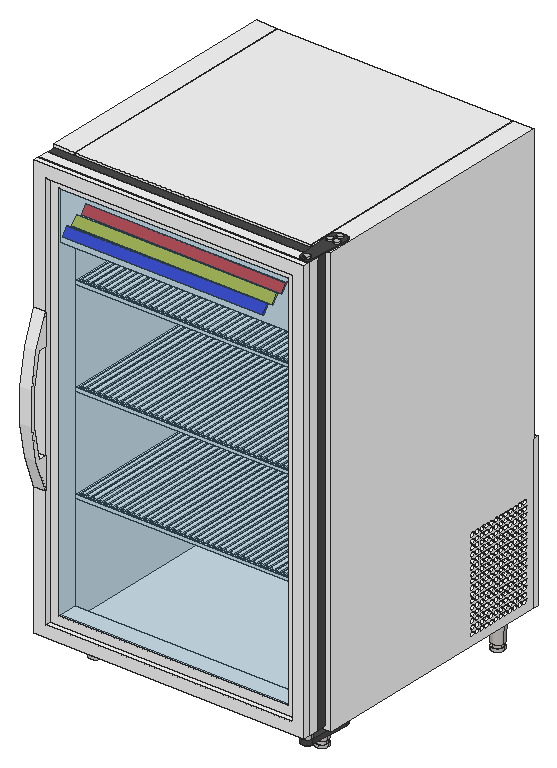
Revit family "QF_TRUE_GDM-07-S-HC-TSL01_cat", category Specialty Equipment, Revit 2015
Parameters
  Weight in Pounds = 0
  Watts = Volts * FL Amps  # 218.5 W
  Volts = 115 V
  URL Cutsheet = ""
  Specification by User = ""
  Specification by Manufacturer = ""
  Show Clearance [instance] = yes
  Serial Number = ""
  Seismic Rating = ""
  SMACNA No = ""
  Revision Code = ""
  Phase = 1
  Number of Poles = 1
  NAFEM Spec ID Number = ""
  Model = "GDM-07-S-HC-TSL01"
  Min Ckt Ampacity = 0 A
  Max Overcurrent Protection = 0 A
  Materials and Finishes [instance] = QF_Plastic - White - Smooth
  Masterspec = ""
  Manufacturer = "TRUE"
  Length = 24 1/32"
  Item Number = ""
  Installed By = ""
  Identify Quantity as Lot = yes
  Height = 39 25/32"
  HP = "1/6"
  Furnished By = ""
  Foodservice Equipment Identifier = yes
  FL Amps = 1.9 A
  Electrical Remarks = ""
  Electric Connection Type = ""
  Elec Conn RI Height = 0"
  Elec Conn Connection Height = 0"
  Description = "SWING DOOR COUNTER-TOP STAINLESS STEEL REFRIGERATOR WITH HYDROCARBON REFRIGERANT-TRUE STANDARD LOOK VERSION 01"
  Depth = 26 19/32"
  Cycle = 60 Hz
  Conn Plug = "NEMA 5-15P"
  Conn Conduit = yes
  CSI MasterFormat = ""
  Apparent Power = 0 VA
Reference planes (in)
  plane 1 "BACK": y = 0
  plane 2: z = 0
  plane 3 "LEFT": x = 0
  plane 4 "RIGHT": x = 24.03125
  plane 5 "FRONT": y = -26.59375
  plane 6 "TOP": z = 39.78125
  plane 7 "Center Y": x = 12.01563
  plane 8 "Center X": y = -13.29687
  plane 9: z = 5.54687
  plane 10: z = 5.79687
  plane 11: y = -0.46875
  plane 12: y = -25
  plane 13: y = -47.28125
  plane 14: z = 2.5
  plane 15: z = 3
  plane 16: y = -22.4375
  plane 17: x = 1.1875
  plane 18: x = 2.18734
  plane 19: x = 22.84375
  plane 20: x = 21.84391
Forms (in)
  Extrusion 1, solid, material "QF_Plastic - White - Smooth" <- "Materials and Finishes"
    sketch origin (0.03125, -25, 56.91604) x (0, 0, 1) y (1, 0, 0)
      loop
        line (-17.13479, 0.25) -> (-17.13479, 23.71875) -> (-53.91604, 23.71875) -> (-53.91604, 0.25) -> (-17.13479, 0.25)
      loop
        line (-52.91604, 1.25) -> (-18.13479, 1.25) -> (-18.13479, 22.71875) -> (-52.91604, 22.71875) -> (-52.91604, 1.25)
    from 0 to 0.5
  Extrusion 2, solid, material "QF_Plastic - White - Smooth" <- "Materials and Finishes"
    sketch origin (0.03125, -25, 56.91604) x (0, 0, 1) y (1, 0, 0)
      loop
        line (-18.13479, 1.25) -> (-18.13479, 22.71875) -> (-52.91604, 22.71875) -> (-52.91604, 1.25) -> (-18.13479, 1.25)
      loop
        line (-18.88479, 2) -> (-18.88479, 21.96875) -> (-52.16604, 21.96875) -> (-52.16604, 2) -> (-18.88479, 2)
    from 2.25251 to 0.5
  Extrusion 3, solid, material "QF_Plastic - White - Smooth" <- "Materials and Finishes"
    sketch origin (0.03125, -25, 56.91604) x (0, 0, 1) y (1, 0, 0)
      loop
        line (-17.13479, 0.25) -> (-17.13479, 23.71875) -> (-53.91604, 23.71875) -> (-53.91604, 0.25) -> (-17.13479, 0.25)
      loop
        line (-52.91604, 1.25) -> (-18.13479, 1.25) -> (-18.13479, 22.71875) -> (-52.91604, 22.71875) -> (-52.91604, 1.25)
    from 1.50251 to 0.5
  Extrusion 4, solid, material "QF_Plastic-Black-Smooth"
    sketch origin (0.03125, -25, 56.91604) x (0, 0, 1) y (1, 0, 0)
      loop
        line (-17.13479, 0.25) -> (-17.13479, 23.71875) -> (-53.91604, 23.71875) -> (-53.91604, 0.25) -> (-17.13479, 0.25)
      loop
        line (-52.91604, 1.25) -> (-18.13479, 1.25) -> (-18.13479, 22.71875) -> (-52.91604, 22.71875) -> (-52.91604, 1.25)
    from 1.50251 to 2.25251
  Extrusion 5, solid, material "QF_Plastic-Black-Smooth"
    sketch origin (0.03125, -25, 56.91604) x (0, 0, 1) y (1, 0, 0)
      loop
        line (-18.13479, 1.25) -> (-18.13479, 22.71875) -> (-52.91604, 22.71875) -> (-52.91604, 1.25) -> (-18.13479, 1.25)
      loop
        line (-18.25979, 1.375) -> (-18.25979, 22.59375) -> (-52.79104, 22.59375) -> (-52.79104, 1.375) -> (-18.25979, 1.375)
    from 2.25251 to 2.5625
  Extrusion 6, solid, material "QF_Plastic - White - Smooth" <- "Materials and Finishes"
    sketch origin (20.40625, -71.30616, 39.78125) x (0, 1, 0) y (-1, 0, 0)
      loop
        line (70.83741, -1.84375) -> (70.83741, 18.625) -> (48.86866, 18.625) -> (48.86866, -1.84375) -> (70.83741, -1.84375)
    from 0 to -1
  Extrusion 7, solid, material "QF_Plastic - White - Smooth" <- "Materials and Finishes"
    sketch origin (0.03125, 1.375, 4.29687) x (0, 1, 0) y (0, 0, 1)
      loop
        line (-1.84375, 34.48438) -> (-3.5, 34.48438) -> (-3.5, -0.79687) -> (-23.8125, -0.79687) -> (-23.8125, -1.79687) -> (-1.84375, -1.79687) -> (-1.84375, 34.48438)
    from 1.75 to 22.21875
  Extrusion 8, solid, material "Glass"
    sketch origin (0.03125, -24.5, 56.91604) x (0, 0, -1) y (1, 0, 0)
      loop
        line (52.16604, 2) -> (52.16604, 21.96875) -> (18.88479, 21.96875) -> (18.88479, 2) -> (52.16604, 2)
    from 0 to -0.125
  Extrusion 9, solid, material "QF_Plastic - White - Smooth"
    sketch origin (1.03125, -22.375, -39.59375) x (-1, 0, 0) y (0, 0, 1)
      loop
        line (-1, 77.625) -> (-20.96875, 77.625) -> (-20.96875, 73.375) -> (-1, 73.375) -> (-1, 77.625)
    from -0.37249 to -2
  Extrusion 10, solid, material "QF_Plastic-Yellow"
    sketch origin (1.03125, -24.375, -38.34375) x (1, 0, 0) y (0, 0, 1)
      loop
        line (2.10165, 73.75) -> (19.5, 73.75) -> (19.88386, 74.75) -> (2.48552, 74.75) -> (2.10165, 73.75)
    from 0 to 0.03125
  Extrusion 11, solid, material "QF_Plastic-Red"
    sketch origin (1.03125, -24.375, -39.34375) x (1, 0, 0) y (0, 0, 1)
      loop
        line (3.30123, 76.875) -> (2.91736, 75.875) -> (20.29973, 75.875) -> (20.68359, 76.875) -> (3.30123, 76.875)
    from 0 to 0.03125
  Extrusion 12, solid, material "QF_Plastic-Blue"
    sketch origin (1.03125, -24.375, -37.34375) x (1, 0, 0) y (0, 0, 1)
      loop
        line (1.28594, 71.625) -> (18.67864, 71.625) -> (19.0625, 72.625) -> (1.66981, 72.625) -> (1.28594, 71.625)
    from 0 to 0.03125
  Extrusion 13, solid, material "QF_Door-Drawer Clearances", visible <- "Show Clearance", detail levels coarse
    sketch origin (0.03125, 1.375, 4.29687) x (1, 0, 0) y (0, 1, 0)
      loop
        arc (0.25, -26.375) -> (7.54543, -42.19115) -> (23.71875, -48.65625) r 23.52804
        line (23.71875, -48.65625) -> (23.71875, -26.375) -> (0.25, -26.375)
    from -1.29687 to 35.48438
  Extrusion 14, solid, material "QF_Plastic - White - Smooth" <- "Materials and Finishes"
    sketch origin (0.03125, 1.375, 4.29687) x (0, 1, 0) y (0, 0, 1)
      loop
        arc (-26.375, 24.08582) -> (-27.96875, 17.09363) -> (-26.375, 10.10144) r 16.13513
        line (-26.375, 10.10144) -> (-26.375, 12.85144) -> (-27.14183, 12.85144)
        arc (-27.14183, 12.85144) -> (-27.71875, 17.09363) -> (-27.14183, 21.33582) r 15.88513
        line (-27.14183, 21.33582) -> (-26.375, 21.33582) -> (-26.375, 24.08582)
    from 0.25 to 1.25
  Extrusion 15, solid, material "QF_Plastic - White - Smooth" <- "Materials and Finishes"
    sketch origin (24, 1.375, 4.29687) x (0, -1, 0) y (0, 0, -1)
      loop
        line (1.84375, -35.48438) -> (23.8125, -35.48438) -> (23.8125, 1.79687) -> (1.84375, 1.79687) -> (1.84375, -35.48438)
      loop
        circle (8.48125, -6.85428) r 0.25
      loop
        circle (7.96562, -6.85428) r 0.25
      loop
        circle (7.45, -6.85428) r 0.25
      loop
        circle (6.93437, -6.85428) r 0.25
      loop
        circle (6.41875, -6.85428) r 0.25
      loop
        circle (5.90312, -6.85428) r 0.25
      loop
        circle (5.3875, -6.85428) r 0.25
      loop
        circle (4.87187, -6.85428) r 0.25
      loop
        circle (4.35625, -6.85428) r 0.25
      loop
        circle (3.84062, -6.85428) r 0.25
      loop
        circle (3.325, -6.85428) r 0.25
      loop
        circle (2.80937, -6.85428) r 0.25
      loop
        circle (8.48125, -6.33865) r 0.25
      loop
        circle (7.96562, -6.33865) r 0.25
      loop
        circle (7.45, -6.33865) r 0.25
      loop
        circle (6.93437, -6.33865) r 0.25
      loop
        circle (6.41875, -6.33865) r 0.25
      loop
        circle (5.90312, -6.33865) r 0.25
      loop
        circle (5.3875, -6.33865) r 0.25
      loop
        circle (4.87187, -6.33865) r 0.25
      loop
        circle (4.35625, -6.33865) r 0.25
      loop
        circle (3.84062, -6.33865) r 0.25
      loop
        circle (3.325, -6.33865) r 0.25
      loop
        circle (2.80937, -6.33865) r 0.25
      loop
        circle (8.48125, -5.82303) r 0.25
      loop
        circle (7.96562, -5.82303) r 0.25
      loop
        circle (7.45, -5.82303) r 0.25
      loop
        circle (6.93437, -5.82303) r 0.25
      loop
        circle (6.41875, -5.82303) r 0.25
      loop
        circle (5.90312, -5.82303) r 0.25
      loop
        circle (5.3875, -5.82303) r 0.25
      loop
        circle (4.87187, -5.82303) r 0.25
      loop
        circle (4.35625, -5.82303) r 0.25
      loop
        circle (3.84062, -5.82303) r 0.25
      loop
        circle (3.325, -5.82303) r 0.25
      loop
        circle (2.80937, -5.82303) r 0.25
      loop
        circle (8.48125, -5.3074) r 0.25
      loop
        circle (7.96562, -5.3074) r 0.25
      loop
        circle (7.45, -5.3074) r 0.25
      loop
        circle (6.93437, -5.3074) r 0.25
      loop
        circle (6.41875, -5.3074) r 0.25
      loop
        circle (5.90312, -5.3074) r 0.25
      loop
        circle (5.3875, -5.3074) r 0.25
      loop
        circle (4.87187, -5.3074) r 0.25
      loop
        circle (4.35625, -5.3074) r 0.25
      loop
        circle (3.84062, -5.3074) r 0.25
      loop
        circle (3.325, -5.3074) r 0.25
      loop
        circle (2.80937, -5.3074) r 0.25
      loop
        circle (8.48125, -4.79178) r 0.25
      loop
        circle (7.96562, -4.79178) r 0.25
      loop
        circle (7.45, -4.79178) r 0.25
      loop
        circle (6.93437, -4.79178) r 0.25
      loop
        circle (6.41875, -4.79178) r 0.25
      loop
        circle (5.90312, -4.79178) r 0.25
      loop
        circle (5.3875, -4.79178) r 0.25
      loop
        circle (4.87187, -4.79178) r 0.25
      loop
        circle (4.35625, -4.79178) r 0.25
      loop
        circle (3.84062, -4.79178) r 0.25
      loop
        circle (3.325, -4.79178) r 0.25
      loop
        circle (2.80937, -4.79178) r 0.25
      loop
        circle (8.48125, -4.27615) r 0.25
      loop
        circle (7.96562, -4.27615) r 0.25
      loop
        circle (7.45, -4.27615) r 0.25
      loop
        circle (6.93437, -4.27615) r 0.25
      loop
        circle (6.41875, -4.27615) r 0.25
      loop
        circle (5.90312, -4.27615) r 0.25
      loop
        circle (5.3875, -4.27615) r 0.25
      loop
        circle (4.87187, -4.27615) r 0.25
      loop
        circle (4.35625, -4.27615) r 0.25
      loop
        circle (3.84062, -4.27615) r 0.25
      loop
        circle (3.325, -4.27615) r 0.25
      loop
        circle (2.80937, -4.27615) r 0.25
      loop
        circle (8.48125, -3.76053) r 0.25
      loop
        circle (7.96562, -3.76053) r 0.25
      loop
        circle (7.45, -3.76053) r 0.25
      loop
        circle (6.93437, -3.76053) r 0.25
      loop
        circle (6.41875, -3.76053) r 0.25
      loop
        circle (5.90312, -3.76053) r 0.25
      loop
        circle (5.3875, -3.76053) r 0.25
      loop
        circle (4.87187, -3.76053) r 0.25
      loop
        circle (4.35625, -3.76053) r 0.25
      loop
        circle (3.84062, -3.76053) r 0.25
      loop
        circle (3.325, -3.76053) r 0.25
      loop
        circle (2.80937, -3.76053) r 0.25
      loop
        circle (8.48125, -3.2449) r 0.25
      loop
        circle (7.96562, -3.2449) r 0.25
      loop
        circle (7.45, -3.2449) r 0.25
      loop
        circle (6.93437, -3.2449) r 0.25
      loop
        circle (6.41875, -3.2449) r 0.25
      loop
        circle (5.90312, -3.2449) r 0.25
      loop
        circle (5.3875, -3.2449) r 0.25
      loop
        circle (4.87187, -3.2449) r 0.25
      loop
        circle (4.35625, -3.2449) r 0.25
      loop
        circle (3.84062, -3.2449) r 0.25
      loop
        circle (3.325, -3.2449) r 0.25
      loop
        circle (2.80937, -3.2449) r 0.25
      loop
        circle (8.48125, -2.72928) r 0.25
      loop
        circle (7.96562, -2.72928) r 0.25
      loop
        circle (7.45, -2.72928) r 0.25
      loop
        circle (6.93437, -2.72928) r 0.25
      loop
        circle (6.41875, -2.72928) r 0.25
      loop
        circle (5.90312, -2.72928) r 0.25
      loop
        circle (5.3875, -2.72928) r 0.25
      loop
        circle (4.87187, -2.72928) r 0.25
      loop
        circle (4.35625, -2.72928) r 0.25
      loop
        circle (3.84062, -2.72928) r 0.25
      loop
        circle (3.325, -2.72928) r 0.25
      loop
        circle (2.80937, -2.72928) r 0.25
      loop
        circle (8.48125, -2.21365) r 0.25
      loop
        circle (7.96562, -2.21365) r 0.25
      loop
        circle (7.45, -2.21365) r 0.25
      loop
        circle (6.93437, -2.21365) r 0.25
      loop
        circle (6.41875, -2.21365) r 0.25
      loop
        circle (5.90312, -2.21365) r 0.25
      loop
        circle (5.3875, -2.21365) r 0.25
      loop
        circle (4.87187, -2.21365) r 0.25
      loop
        circle (4.35625, -2.21365) r 0.25
      loop
        circle (3.84062, -2.21365) r 0.25
      loop
        circle (3.325, -2.21365) r 0.25
      loop
        circle (2.80937, -2.21365) r 0.25
      loop
        circle (8.48125, -1.69803) r 0.25
      loop
        circle (7.96562, -1.69803) r 0.25
      loop
        circle (7.45, -1.69803) r 0.25
      loop
        circle (6.93437, -1.69803) r 0.25
      loop
        circle (6.41875, -1.69803) r 0.25
      loop
        circle (5.90312, -1.69803) r 0.25
      loop
        circle (5.3875, -1.69803) r 0.25
      loop
        circle (4.87187, -1.69803) r 0.25
      loop
        circle (4.35625, -1.69803) r 0.25
      loop
        circle (3.84062, -1.69803) r 0.25
      loop
        circle (3.325, -1.69803) r 0.25
      loop
        circle (2.80937, -1.69803) r 0.25
      loop
        circle (8.48125, -1.1824) r 0.25
      loop
        circle (7.96562, -1.1824) r 0.25
      loop
        circle (7.45, -1.1824) r 0.25
      loop
        circle (6.93437, -1.1824) r 0.25
      loop
        circle (6.41875, -1.1824) r 0.25
      loop
        circle (5.90312, -1.1824) r 0.25
      loop
        circle (5.3875, -1.1824) r 0.25
      loop
        circle (4.87187, -1.1824) r 0.25
      loop
        circle (4.35625, -1.1824) r 0.25
      loop
        circle (3.84062, -1.1824) r 0.25
      loop
        circle (3.325, -1.1824) r 0.25
      loop
        circle (2.80937, -1.1824) r 0.25
      loop
        circle (8.48125, -0.66678) r 0.25
      loop
        circle (7.96562, -0.66678) r 0.25
      loop
        circle (7.45, -0.66678) r 0.25
      loop
        circle (6.93437, -0.66678) r 0.25
      loop
        circle (6.41875, -0.66678) r 0.25
      loop
        circle (5.90312, -0.66678) r 0.25
      loop
        circle (5.3875, -0.66678) r 0.25
      loop
        circle (4.87187, -0.66678) r 0.25
      loop
        circle (4.35625, -0.66678) r 0.25
      loop
        circle (3.84062, -0.66678) r 0.25
      loop
        circle (3.325, -0.66678) r 0.25
      loop
        circle (2.80937, -0.66678) r 0.25
      loop
        circle (8.48125, -0.15115) r 0.25
      loop
        circle (7.96562, -0.15115) r 0.25
      loop
        circle (7.45, -0.15115) r 0.25
      loop
        circle (6.93437, -0.15115) r 0.25
      loop
        circle (6.41875, -0.15115) r 0.25
      loop
        circle (5.90312, -0.15115) r 0.25
      loop
        circle (5.3875, -0.15115) r 0.25
      loop
        circle (4.87187, -0.15115) r 0.25
      loop
        circle (4.35625, -0.15115) r 0.25
      loop
        circle (3.84062, -0.15115) r 0.25
      loop
        circle (3.325, -0.15115) r 0.25
      loop
        circle (2.80937, -0.15115) r 0.25
      loop
        circle (8.48125, 0.36447) r 0.25
      loop
        circle (7.96562, 0.36447) r 0.25
      loop
        circle (7.45, 0.36447) r 0.25
      loop
        circle (6.93437, 0.36447) r 0.25
      loop
        circle (6.41875, 0.36447) r 0.25
      loop
        circle (5.90312, 0.36447) r 0.25
      loop
        circle (5.3875, 0.36447) r 0.25
      loop
        circle (4.87187, 0.36447) r 0.25
      loop
        circle (4.35625, 0.36447) r 0.25
      loop
        circle (3.84062, 0.36447) r 0.25
      loop
        circle (3.325, 0.36447) r 0.25
      loop
        circle (2.80937, 0.36447) r 0.25
      loop
        circle (8.48125, 0.8801) r 0.25
      loop
        circle (7.96562, 0.8801) r 0.25
      loop
        circle (7.45, 0.8801) r 0.25
      loop
        circle (6.93437, 0.8801) r 0.25
      loop
        circle (6.41875, 0.8801) r 0.25
      loop
        circle (5.90312, 0.8801) r 0.25
      loop
        circle (5.3875, 0.8801) r 0.25
      loop
        circle (4.87187, 0.8801) r 0.25
      loop
        circle (4.35625, 0.8801) r 0.25
      loop
        circle (3.84062, 0.8801) r 0.25
      loop
        circle (3.325, 0.8801) r 0.25
      loop
        circle (2.80937, 0.8801) r 0.25
    from 0.03125 to -1.75
  Extrusion 16, solid, material "QF_Plastic-Black-Smooth"
    sketch origin (3.56688, 1.375, 4.29687) x (1, 0, 0) y (0, 1, 0)
      loop
        arc (19.40165, -21.39984) -> (19.03744, -21.55726) -> (18.90258, -21.93042) r 0.5
        line (18.90258, -21.93042) -> (19.11273, -25.35979)
        arc (19.11273, -25.35979) -> (19.6118, -25.82921) -> (20.11086, -25.35979) r 0.5
        line (20.11086, -25.35979) -> (20.32101, -21.93042)
        arc (20.32101, -21.93042) -> (20.18615, -21.55726) -> (19.82195, -21.39984) r 0.5
        line (19.82195, -21.39984) -> (19.40165, -21.39984)
    from 35.48438 to 35.56944
  Extrusion 17, solid, material "QF_Metal - Stainless - Polished"
    sketch origin (3.56688, 1.375, 4.29687) x (1, 0, 0) y (0, 1, 0)
      loop
        circle (19.6118, -21.78078) r 0.25
      loop
        circle (19.30218, -22.51019) r 0.25
      loop
        circle (19.92141, -22.51019) r 0.25
      loop
        circle (19.6118, -25.35979) r 0.25
    from 35.48438 to 35.64063
  Extrusion 18, solid, material "QF_Plastic - White - Smooth" <- "Materials and Finishes"
    sketch origin (0.03125, 1.375, 4.29687) x (0, -1, 0) y (0, 0, 1)
      loop
        line (1.84375, 35.48438) -> (1.84375, -1.79687) -> (23.8125, -1.79687) -> (23.8125, 35.48438) -> (1.84375, 35.48438)
      loop
        circle (8.48125, 6.85428) r 0.25
      loop
        circle (7.96562, 6.85428) r 0.25
      loop
        circle (7.45, 6.85428) r 0.25
      loop
        circle (6.93437, 6.85428) r 0.25
      loop
        circle (6.41875, 6.85428) r 0.25
      loop
        circle (5.90312, 6.85428) r 0.25
      loop
        circle (5.3875, 6.85428) r 0.25
      loop
        circle (4.87187, 6.85428) r 0.25
      loop
        circle (4.35625, 6.85428) r 0.25
      loop
        circle (3.84062, 6.85428) r 0.25
      loop
        circle (3.325, 6.85428) r 0.25
      loop
        circle (2.80937, 6.85428) r 0.25
      loop
        circle (8.48125, 6.33865) r 0.25
      loop
        circle (7.96562, 6.33865) r 0.25
      loop
        circle (7.45, 6.33865) r 0.25
      loop
        circle (6.93437, 6.33865) r 0.25
      loop
        circle (6.41875, 6.33865) r 0.25
      loop
        circle (5.90312, 6.33865) r 0.25
      loop
        circle (5.3875, 6.33865) r 0.25
      loop
        circle (4.87187, 6.33865) r 0.25
      loop
        circle (4.35625, 6.33865) r 0.25
      loop
        circle (3.84062, 6.33865) r 0.25
      loop
        circle (3.325, 6.33865) r 0.25
      loop
        circle (2.80937, 6.33865) r 0.25
      loop
        circle (8.48125, 5.82303) r 0.25
      loop
        circle (7.96562, 5.82303) r 0.25
      loop
        circle (7.45, 5.82303) r 0.25
      loop
        circle (6.93437, 5.82303) r 0.25
      loop
        circle (6.41875, 5.82303) r 0.25
      loop
        circle (5.90312, 5.82303) r 0.25
      loop
        circle (5.3875, 5.82303) r 0.25
      loop
        circle (4.87187, 5.82303) r 0.25
      loop
        circle (4.35625, 5.82303) r 0.25
      loop
        circle (3.84062, 5.82303) r 0.25
      loop
        circle (3.325, 5.82303) r 0.25
      loop
        circle (2.80937, 5.82303) r 0.25
      loop
        circle (8.48125, 5.3074) r 0.25
      loop
        circle (7.96562, 5.3074) r 0.25
      loop
        circle (7.45, 5.3074) r 0.25
      loop
        circle (6.93437, 5.3074) r 0.25
      loop
        circle (6.41875, 5.3074) r 0.25
      loop
        circle (5.90312, 5.3074) r 0.25
      loop
        circle (5.3875, 5.3074) r 0.25
      loop
        circle (4.87187, 5.3074) r 0.25
      loop
        circle (4.35625, 5.3074) r 0.25
      loop
        circle (3.84062, 5.3074) r 0.25
      loop
        circle (3.325, 5.3074) r 0.25
      loop
        circle (2.80937, 5.3074) r 0.25
      loop
        circle (8.48125, 4.79178) r 0.25
      loop
        circle (7.96562, 4.79178) r 0.25
      loop
        circle (7.45, 4.79178) r 0.25
      loop
        circle (6.93437, 4.79178) r 0.25
      loop
        circle (6.41875, 4.79178) r 0.25
      loop
        circle (5.90312, 4.79178) r 0.25
      loop
        circle (5.3875, 4.79178) r 0.25
      loop
        circle (4.87187, 4.79178) r 0.25
      loop
        circle (4.35625, 4.79178) r 0.25
      loop
        circle (3.84062, 4.79178) r 0.25
      loop
        circle (3.325, 4.79178) r 0.25
      loop
        circle (2.80937, 4.79178) r 0.25
      loop
        circle (8.48125, 4.27615) r 0.25
      loop
        circle (7.96562, 4.27615) r 0.25
      loop
        circle (7.45, 4.27615) r 0.25
      loop
        circle (6.93437, 4.27615) r 0.25
      loop
        circle (6.41875, 4.27615) r 0.25
      loop
        circle (5.90312, 4.27615) r 0.25
      loop
        circle (5.3875, 4.27615) r 0.25
      loop
        circle (4.87187, 4.27615) r 0.25
      loop
        circle (4.35625, 4.27615) r 0.25
      loop
        circle (3.84062, 4.27615) r 0.25
      loop
        circle (3.325, 4.27615) r 0.25
      loop
        circle (2.80937, 4.27615) r 0.25
      loop
        circle (8.48125, 3.76053) r 0.25
      loop
        circle (7.96562, 3.76053) r 0.25
      loop
        circle (7.45, 3.76053) r 0.25
      loop
        circle (6.93437, 3.76053) r 0.25
      loop
        circle (6.41875, 3.76053) r 0.25
      loop
        circle (5.90312, 3.76053) r 0.25
      loop
        circle (5.3875, 3.76053) r 0.25
      loop
        circle (4.87187, 3.76053) r 0.25
      loop
        circle (4.35625, 3.76053) r 0.25
      loop
        circle (3.84062, 3.76053) r 0.25
      loop
        circle (3.325, 3.76053) r 0.25
      loop
        circle (2.80937, 3.76053) r 0.25
      loop
        circle (8.48125, 3.2449) r 0.25
      loop
        circle (7.96562, 3.2449) r 0.25
      loop
        circle (7.45, 3.2449) r 0.25
      loop
        circle (6.93437, 3.2449) r 0.25
      loop
        circle (6.41875, 3.2449) r 0.25
      loop
        circle (5.90312, 3.2449) r 0.25
      loop
        circle (5.3875, 3.2449) r 0.25
      loop
        circle (4.87187, 3.2449) r 0.25
      loop
        circle (4.35625, 3.2449) r 0.25
      loop
        circle (3.84062, 3.2449) r 0.25
      loop
        circle (3.325, 3.2449) r 0.25
      loop
        circle (2.80937, 3.2449) r 0.25
      loop
        circle (8.48125, 2.72928) r 0.25
      loop
        circle (7.96562, 2.72928) r 0.25
      loop
        circle (7.45, 2.72928) r 0.25
      loop
        circle (6.93437, 2.72928) r 0.25
      loop
        circle (6.41875, 2.72928) r 0.25
      loop
        circle (5.90312, 2.72928) r 0.25
      loop
        circle (5.3875, 2.72928) r 0.25
      loop
        circle (4.87187, 2.72928) r 0.25
      loop
        circle (4.35625, 2.72928) r 0.25
      loop
        circle (3.84062, 2.72928) r 0.25
      loop
        circle (3.325, 2.72928) r 0.25
      loop
        circle (2.80937, 2.72928) r 0.25
      loop
        circle (8.48125, 2.21365) r 0.25
      loop
        circle (7.96562, 2.21365) r 0.25
      loop
        circle (7.45, 2.21365) r 0.25
      loop
        circle (6.93437, 2.21365) r 0.25
      loop
        circle (6.41875, 2.21365) r 0.25
      loop
        circle (5.90312, 2.21365) r 0.25
      loop
        circle (5.3875, 2.21365) r 0.25
      loop
        circle (4.87187, 2.21365) r 0.25
      loop
        circle (4.35625, 2.21365) r 0.25
      loop
        circle (3.84062, 2.21365) r 0.25
      loop
        circle (3.325, 2.21365) r 0.25
      loop
        circle (2.80937, 2.21365) r 0.25
      loop
        circle (8.48125, 1.69803) r 0.25
      loop
        circle (7.96562, 1.69803) r 0.25
      loop
        circle (7.45, 1.69803) r 0.25
      loop
        circle (6.93437, 1.69803) r 0.25
      loop
        circle (6.41875, 1.69803) r 0.25
      loop
        circle (5.90312, 1.69803) r 0.25
      loop
        circle (5.3875, 1.69803) r 0.25
      loop
        circle (4.87187, 1.69803) r 0.25
      loop
        circle (4.35625, 1.69803) r 0.25
      loop
        circle (3.84062, 1.69803) r 0.25
      loop
        circle (3.325, 1.69803) r 0.25
      loop
        circle (2.80937, 1.69803) r 0.25
      loop
        circle (8.48125, 1.1824) r 0.25
      loop
        circle (7.96562, 1.1824) r 0.25
      loop
        circle (7.45, 1.1824) r 0.25
      loop
        circle (6.93437, 1.1824) r 0.25
      loop
        circle (6.41875, 1.1824) r 0.25
      loop
        circle (5.90312, 1.1824) r 0.25
      loop
        circle (5.3875, 1.1824) r 0.25
      loop
        circle (4.87187, 1.1824) r 0.25
      loop
        circle (4.35625, 1.1824) r 0.25
      loop
        circle (3.84062, 1.1824) r 0.25
      loop
        circle (3.325, 1.1824) r 0.25
      loop
        circle (2.80937, 1.1824) r 0.25
      loop
        circle (8.48125, 0.66678) r 0.25
      loop
        circle (7.96562, 0.66678) r 0.25
      loop
        circle (7.45, 0.66678) r 0.25
      loop
        circle (6.93437, 0.66678) r 0.25
      loop
        circle (6.41875, 0.66678) r 0.25
      loop
        circle (5.90312, 0.66678) r 0.25
      loop
        circle (5.3875, 0.66678) r 0.25
      loop
        circle (4.87187, 0.66678) r 0.25
      loop
        circle (4.35625, 0.66678) r 0.25
      loop
        circle (3.84062, 0.66678) r 0.25
      loop
        circle (3.325, 0.66678) r 0.25
      loop
        circle (2.80937, 0.66678) r 0.25
      loop
        circle (8.48125, 0.15115) r 0.25
      loop
        circle (7.96562, 0.15115) r 0.25
      loop
        circle (7.45, 0.15115) r 0.25
      loop
        circle (6.93437, 0.15115) r 0.25
      loop
        circle (6.41875, 0.15115) r 0.25
      loop
        circle (5.90312, 0.15115) r 0.25
      loop
        circle (5.3875, 0.15115) r 0.25
      loop
        circle (4.87187, 0.15115) r 0.25
      loop
        circle (4.35625, 0.15115) r 0.25
      loop
        circle (3.84062, 0.15115) r 0.25
      loop
        circle (3.325, 0.15115) r 0.25
      loop
        circle (2.80937, 0.15115) r 0.25
      loop
        circle (8.48125, -0.36447) r 0.25
      loop
        circle (7.96562, -0.36447) r 0.25
      loop
        circle (7.45, -0.36447) r 0.25
      loop
        circle (6.93437, -0.36447) r 0.25
      loop
        circle (6.41875, -0.36447) r 0.25
      loop
        circle (5.90312, -0.36447) r 0.25
      loop
        circle (5.3875, -0.36447) r 0.25
      loop
        circle (4.87187, -0.36447) r 0.25
      loop
        circle (4.35625, -0.36447) r 0.25
      loop
        circle (3.84062, -0.36447) r 0.25
      loop
        circle (3.325, -0.36447) r 0.25
      loop
        circle (2.80937, -0.36447) r 0.25
      loop
        circle (8.48125, -0.8801) r 0.25
      loop
        circle (7.96562, -0.8801) r 0.25
      loop
        circle (7.45, -0.8801) r 0.25
      loop
        circle (6.93437, -0.8801) r 0.25
      loop
        circle (6.41875, -0.8801) r 0.25
      loop
        circle (5.90312, -0.8801) r 0.25
      loop
        circle (5.3875, -0.8801) r 0.25
      loop
        circle (4.87187, -0.8801) r 0.25
      loop
        circle (4.35625, -0.8801) r 0.25
      loop
        circle (3.84062, -0.8801) r 0.25
      loop
        circle (3.325, -0.8801) r 0.25
      loop
        circle (2.80937, -0.8801) r 0.25
    from 0.03125 to -1.75
  Extrusion 19, solid, material "QF_Plastic-Black-Smooth"
    sketch origin (3.56688, 1.375, 38.23438) x (0, -1, 0) y (1, 0, 0)
      loop
        arc (21.39984, 19.40165) -> (21.55726, 19.03744) -> (21.93042, 18.90258) r 0.5
        line (21.93042, 18.90258) -> (25.35979, 19.11273)
        arc (25.35979, 19.11273) -> (25.82921, 19.6118) -> (25.35979, 20.11086) r 0.5
        line (25.35979, 20.11086) -> (21.93042, 20.32101)
        arc (21.93042, 20.32101) -> (21.55726, 20.18615) -> (21.39984, 19.82195) r 0.5
        line (21.39984, 19.82195) -> (21.39984, 19.40165)
    from -36.10938 to -35.73438
  Extrusion 20, solid, material "QF_Plastic-Black-Smooth"
    sketch origin (3.56688, 1.375, 1.5) x (1, 0, 0) y (0, 1, 0)
      loop
        circle (19.6118, -21.78078) r 0.25
      loop
        circle (19.30218, -22.51019) r 0.25
      loop
        circle (19.92141, -22.51019) r 0.25
    from 0.5 to 1
  Extrusion 21, solid, material "QF_Metal - Stainless - Polished"
    sketch origin (3.625, 1.375, 1.5) x (1, 0, 0) y (0, 1, 0)
      loop
        circle (19.6118, -25.35979) r 0.33744
    from 0.5 to 1.5
  Revolve 22, solid, material "QF_Metal - Stainless - Polished"
    sketch origin (-1.0625, -2.84375, 1.71875) x (1, 0, 0) y (0, 0, 1)
      loop
        line (1.71875, -1.71875) -> (2.25, -1.71875) -> (2.25, 0.78125) -> (1.61726, 0.78125) -> (1.71875, -1.15529) -> (1.87178, -1.15529) -> (1.87178, -1.50805) -> (1.71875, -1.50805) -> (1.71875, -1.71875)
      axis (2.25, 0.78125) -> (2.25, -1.71875)
    angle from 0 to 360
  Extrusion 23, solid, material "QF_Plastic - White - Smooth" <- "Materials and Finishes"
    sketch origin (0.03125, 1.375, 1.5) x (0, 1, 0) y (0, 0, 1)
      loop
        line (-1.99424, 1) -> (-8.49424, 1) -> (-8.49424, 0.38992) -> (-1.99424, 0.38992) -> (-1.99424, 1)
    from 4.06234 to 19.90641
  Extrusion 24, solid, material "QF_Plastic - White - Smooth"
    sketch origin (-6.9261, -178.625, 29.58575) x (-1, 0, 0) y (0, -1, 0)
      loop
        line (-8.70735, -176.5) -> (-8.70735, -156.1875) -> (-29.1761, -156.1875) -> (-29.1761, -176.5) -> (-8.70735, -176.5)
      loop
        line (-8.95735, -176.25) -> (-8.95735, -156.375) -> (-28.9261, -156.375) -> (-28.9261, -176.25) -> (-8.95735, -176.25)
    from 0 to 0.25
  Extrusion 25, solid, material "QF_Plastic - White - Smooth"
    sketch origin (0.03125, 1.375, 3.10137) x (1, 0, 0) y (0, 0, 1)
      loop
        circle (10.23437, 26.73438) r 0.125
      loop
        circle (9.73437, 26.73438) r 0.125
      loop
        circle (9.23437, 26.73438) r 0.125
      loop
        circle (8.73437, 26.73438) r 0.125
      loop
        circle (8.23437, 26.73438) r 0.125
      loop
        circle (7.73437, 26.73438) r 0.125
      loop
        circle (7.23437, 26.73438) r 0.125
      loop
        circle (6.73437, 26.73438) r 0.125
      loop
        circle (6.23437, 26.73438) r 0.125
      loop
        circle (5.73437, 26.73438) r 0.125
      loop
        circle (5.23437, 26.73438) r 0.125
      loop
        circle (4.73437, 26.73438) r 0.125
      loop
        circle (4.23437, 26.73438) r 0.125
      loop
        circle (3.73437, 26.73438) r 0.125
      loop
        circle (3.23437, 26.73438) r 0.125
      loop
        circle (2.73437, 26.73438) r 0.125
      loop
        circle (2.23437, 26.73438) r 0.125
      loop
        circle (10.73437, 26.73438) r 0.125
      loop
        circle (11.23437, 26.73438) r 0.125
      loop
        circle (11.73437, 26.73438) r 0.125
      loop
        circle (13.73438, 26.73438) r 0.125
      loop
        circle (14.23438, 26.73438) r 0.125
      loop
        circle (14.73438, 26.73438) r 0.125
      loop
        circle (15.23438, 26.73438) r 0.125
      loop
        circle (15.73438, 26.73438) r 0.125
      loop
        circle (16.23438, 26.73438) r 0.125
      loop
        circle (16.73438, 26.73438) r 0.125
      loop
        circle (17.23438, 26.73438) r 0.125
      loop
        circle (17.73438, 26.73438) r 0.125
      loop
        circle (18.23438, 26.73438) r 0.125
      loop
        circle (18.73438, 26.73438) r 0.125
      loop
        circle (19.23438, 26.73438) r 0.125
      loop
        circle (19.73438, 26.73438) r 0.125
      loop
        circle (20.23438, 26.73438) r 0.125
      loop
        circle (20.73438, 26.73438) r 0.125
      loop
        circle (21.23438, 26.73438) r 0.125
      loop
        circle (21.73438, 26.73438) r 0.125
      loop
        circle (13.23438, 26.73438) r 0.125
      loop
        circle (12.73438, 26.73438) r 0.125
      loop
        circle (12.23438, 26.73438) r 0.125
    from 3.5 to 23.625
  Extrusion 26, solid, material "QF_Plastic - White - Smooth"
    sketch origin (-6.9261, -178.625, 21.2655) x (-1, 0, 0) y (0, -1, 0)
      loop
        line (-8.70735, -176.5) -> (-8.70735, -156.1875) -> (-29.1761, -156.1875) -> (-29.1761, -176.5) -> (-8.70735, -176.5)
      loop
        line (-8.95735, -176.25) -> (-8.95735, -156.375) -> (-28.9261, -156.375) -> (-28.9261, -176.25) -> (-8.95735, -176.25)
    from 0 to 0.25
  Extrusion 27, solid, material "QF_Plastic - White - Smooth"
    sketch origin (0.03125, 1.375, -5.21888) x (1, 0, 0) y (0, 0, 1)
      loop
        circle (10.23437, 26.73438) r 0.125
      loop
        circle (9.73437, 26.73438) r 0.125
      loop
        circle (9.23437, 26.73438) r 0.125
      loop
        circle (8.73437, 26.73438) r 0.125
      loop
        circle (8.23437, 26.73438) r 0.125
      loop
        circle (7.73437, 26.73438) r 0.125
      loop
        circle (7.23437, 26.73438) r 0.125
      loop
        circle (6.73437, 26.73438) r 0.125
      loop
        circle (6.23437, 26.73438) r 0.125
      loop
        circle (5.73437, 26.73438) r 0.125
      loop
        circle (5.23437, 26.73438) r 0.125
      loop
        circle (4.73437, 26.73438) r 0.125
      loop
        circle (4.23437, 26.73438) r 0.125
      loop
        circle (3.73437, 26.73438) r 0.125
      loop
        circle (3.23437, 26.73438) r 0.125
      loop
        circle (2.73437, 26.73438) r 0.125
      loop
        circle (2.23437, 26.73438) r 0.125
      loop
        circle (10.73437, 26.73438) r 0.125
      loop
        circle (11.23437, 26.73438) r 0.125
      loop
        circle (11.73437, 26.73438) r 0.125
      loop
        circle (13.73438, 26.73438) r 0.125
      loop
        circle (14.23438, 26.73438) r 0.125
      loop
        circle (14.73438, 26.73438) r 0.125
      loop
        circle (15.23438, 26.73438) r 0.125
      loop
        circle (15.73438, 26.73438) r 0.125
      loop
        circle (16.23438, 26.73438) r 0.125
      loop
        circle (16.73438, 26.73438) r 0.125
      loop
        circle (17.23438, 26.73438) r 0.125
      loop
        circle (17.73438, 26.73438) r 0.125
      loop
        circle (18.23438, 26.73438) r 0.125
      loop
        circle (18.73438, 26.73438) r 0.125
      loop
        circle (19.23438, 26.73438) r 0.125
      loop
        circle (19.73438, 26.73438) r 0.125
      loop
        circle (20.23438, 26.73438) r 0.125
      loop
        circle (20.73438, 26.73438) r 0.125
      loop
        circle (21.23438, 26.73438) r 0.125
      loop
        circle (21.73438, 26.73438) r 0.125
      loop
        circle (13.23438, 26.73438) r 0.125
      loop
        circle (12.73438, 26.73438) r 0.125
      loop
        circle (12.23438, 26.73438) r 0.125
    from 3.5 to 23.625
  Extrusion 28, solid, material "QF_Plastic - White - Smooth"
    sketch origin (-6.9261, -178.625, 12.94525) x (-1, 0, 0) y (0, -1, 0)
      loop
        line (-8.70735, -176.5) -> (-8.70735, -156.1875) -> (-29.1761, -156.1875) -> (-29.1761, -176.5) -> (-8.70735, -176.5)
      loop
        line (-8.95735, -176.25) -> (-8.95735, -156.375) -> (-28.9261, -156.375) -> (-28.9261, -176.25) -> (-8.95735, -176.25)
    from 0 to 0.25
  Extrusion 29, solid, material "QF_Plastic - White - Smooth"
    sketch origin (0.03125, 1.375, -13.53913) x (1, 0, 0) y (0, 0, 1)
      loop
        circle (10.23437, 26.73438) r 0.125
      loop
        circle (9.73437, 26.73438) r 0.125
      loop
        circle (9.23437, 26.73438) r 0.125
      loop
        circle (8.73437, 26.73438) r 0.125
      loop
        circle (8.23437, 26.73438) r 0.125
      loop
        circle (7.73437, 26.73438) r 0.125
      loop
        circle (7.23437, 26.73438) r 0.125
      loop
        circle (6.73437, 26.73438) r 0.125
      loop
        circle (6.23437, 26.73438) r 0.125
      loop
        circle (5.73437, 26.73438) r 0.125
      loop
        circle (5.23437, 26.73438) r 0.125
      loop
        circle (4.73437, 26.73438) r 0.125
      loop
        circle (4.23437, 26.73438) r 0.125
      loop
        circle (3.73437, 26.73438) r 0.125
      loop
        circle (3.23437, 26.73438) r 0.125
      loop
        circle (2.73437, 26.73438) r 0.125
      loop
        circle (2.23437, 26.73438) r 0.125
      loop
        circle (10.73437, 26.73438) r 0.125
      loop
        circle (11.23437, 26.73438) r 0.125
      loop
        circle (11.73437, 26.73438) r 0.125
      loop
        circle (13.73438, 26.73438) r 0.125
      loop
        circle (14.23438, 26.73438) r 0.125
      loop
        circle (14.73438, 26.73438) r 0.125
      loop
        circle (15.23438, 26.73438) r 0.125
      loop
        circle (15.73438, 26.73438) r 0.125
      loop
        circle (16.23438, 26.73438) r 0.125
      loop
        circle (16.73438, 26.73438) r 0.125
      loop
        circle (17.23438, 26.73438) r 0.125
      loop
        circle (17.73438, 26.73438) r 0.125
      loop
        circle (18.23438, 26.73438) r 0.125
      loop
        circle (18.73438, 26.73438) r 0.125
      loop
        circle (19.23438, 26.73438) r 0.125
      loop
        circle (19.73438, 26.73438) r 0.125
      loop
        circle (20.23438, 26.73438) r 0.125
      loop
        circle (20.73438, 26.73438) r 0.125
      loop
        circle (21.23438, 26.73438) r 0.125
      loop
        circle (21.73438, 26.73438) r 0.125
      loop
        circle (13.23438, 26.73438) r 0.125
      loop
        circle (12.73438, 26.73438) r 0.125
      loop
        circle (12.23438, 26.73438) r 0.125
    from 3.5 to 23.625
  Extrusion 30, solid, material "QF_Plastic - White - Smooth" <- "Materials and Finishes"
    sketch origin (0, 0, 0) x (0, 1, 0) y (0, 0, 1)
      loop
        line (-0.46875, 2.5) -> (0, 2.5) -> (0, 15.69022) -> (-0.46875, 15.69022) -> (-0.46875, 2.5)
    from 0 to 24.03125
  Revolve 31, solid, material "QF_Metal - Stainless - Polished"
    sketch origin (-0.06266, -20.6875, 1.71875) x (1, 0, 0) y (0, 0, 1)
      loop
        line (1.71875, -1.71875) -> (2.25, -1.71875) -> (2.25, 0.78125) -> (1.61726, 0.78125) -> (1.71875, -1.15529) -> (1.87178, -1.15529) -> (1.87178, -1.50805) -> (1.71875, -1.50805) -> (1.71875, -1.71875)
      axis (2.25, 0.78125) -> (2.25, -1.71875)
    angle from 0 to 360
  Revolve 32, solid, material "QF_Metal - Stainless - Polished"
    sketch origin (25.09375, -2.84375, 1.71875) x (-1, 0, 0) y (0, 0, -1)
      loop
        line (1.71875, 1.71875) -> (1.71875, 1.50805) -> (1.87178, 1.50805) -> (1.87178, 1.15529) -> (1.71875, 1.15529) -> (1.61726, -0.78125) -> (2.25, -0.78125) -> (2.25, 1.71875) -> (1.71875, 1.71875)
      axis (2.25, -0.78125) -> (2.25, 1.71875)
    angle from 0 to 360
  Revolve 33, solid, material "QF_Metal - Stainless - Polished"
    sketch origin (24.09391, -20.6875, 1.71875) x (-1, 0, 0) y (0, 0, -1)
      loop
        line (1.71875, 1.71875) -> (1.71875, 1.50805) -> (1.87178, 1.50805) -> (1.87178, 1.15529) -> (1.71875, 1.15529) -> (1.61726, -0.78125) -> (2.25, -0.78125) -> (2.25, 1.71875) -> (1.71875, 1.71875)
      axis (2.25, -0.78125) -> (2.25, 1.71875)
    angle from 0 to 360
  Extrusion 34, solid, material "QF_Plastic - White - Smooth" <- "Materials and Finishes"
    sketch origin (0, 0, 0) x (1, 0, 0) y (0, 0, 1)
      loop
        circle (12.01562, 9.09511) r 0.25
    from 0 to -0.125
Cuts and joins
  joined: Extrusion 19, Extrusion 20
Lines and regions (in)
  symbolic lines
    curve 1: line (0, -22.4375, 0) -> (22.5848, -22.4375, 0)
    curve 2: line (0, 0, 0) -> (0, -22.4375, 0)
    curve 3: line (24.03125, 0, 0) -> (0, 0, 0)
    curve 4: line (24.03125, -22.4375, 0) -> (24.03125, 0, 0)
    curve 5: line (24.03125, -0.46875, 0) -> (0, -0.46875, 0)
    curve 6: line (1.78125, -22.4375, 0) -> (1.78125, -0.46875, 0)
    curve 7: line (22.25, -0.46875, 0) -> (22.25, -22.4375, 0)
    curve 8: line (22.46947, -20.55542, 0) -> (22.67962, -23.98479, 0)
    curve 9: arc (22.67962, -23.98479, 0) -> (23.17868, -24.45421, 0) -> (23.67775, -23.98479, 0) r 0.5
    curve 10: line (23.67775, -23.98479, 0) -> (23.8879, -20.55542, 0)
    curve 11: arc (23.8879, -20.55542, 0) -> (23.75304, -20.18226, 0) -> (23.38883, -20.02484, 0) r 0.5
    curve 12: line (23.38883, -20.02484, 0) -> (22.96853, -20.02484, 0)
    curve 13: arc (22.96853, -20.02484, 0) -> (22.60432, -20.18226, 0) -> (22.46947, -20.55542, 0) r 0.5
    curve 14: arc (23.42868, -23.98479, 0) -> (23.17868, -23.73479, 0) -> (22.92868, -23.98479, 0) r 0.25
    curve 15: arc (22.92868, -23.98479, 0) -> (23.17868, -24.23479, 0) -> (23.42868, -23.98479, 0) r 0.25
    curve 16: arc (22.61907, -21.13519, 0) -> (22.86907, -21.38519, 0) -> (23.11907, -21.13519, 0) r 0.25
    curve 17: arc (23.11907, -21.13519, 0) -> (22.86907, -20.88519, 0) -> (22.61907, -21.13519, 0) r 0.25
    curve 18: arc (23.2383, -21.13519, 0) -> (23.4883, -21.38519, 0) -> (23.7383, -21.13519, 0) r 0.25
    curve 19: arc (23.7383, -21.13519, 0) -> (23.4883, -20.88519, 0) -> (23.2383, -21.13519, 0) r 0.25
    curve 20: arc (22.92868, -20.40578, 0) -> (23.17868, -20.65578, 0) -> (23.42868, -20.40578, 0) r 0.25
    curve 21: arc (23.42868, -20.40578, 0) -> (23.17868, -20.15578, 0) -> (22.92868, -20.40578, 0) r 0.25
    curve 22: line (23.77256, -22.4375, 0) -> (24.03125, -22.4375, 0)
    curve 23: line (0.28125, -22.74749, 0) -> (22.6038, -22.74749, 0)
    curve 24: line (0.28125, -22.74749, 0) -> (0.28125, -25, 0)
    curve 25: line (0.28125, -25, 0) -> (23.75, -25, 0)
    curve 26: line (23.75, -25, 0) -> (23.75, -22.80571, 0)
    curve 27: line (0.28125, -24.5, 0) -> (23.75, -24.5, 0)
    curve 28: line (0.28125, -23.49749, 0) -> (22.64976, -23.49749, 0)
    curve 29: line (1.28125, -22.74749, 0) -> (1.28125, -22.4375, 0)
  symbolic lines, style "QF_Door-Drawer Clearances"
    curve 30: line (23.75, -25, 0) -> (3.95461, -36.42887, 0)
    curve 31: arc (0.28125, -25, 0) -> (1.37675, -30.95266, 0) -> (3.95461, -36.42887, 0) r 23.52804
Dimensions and locks (in)
  equal spacing: plane 3 "LEFT", plane 7 "Center Y", plane 4 "RIGHT"
  "Length": plane 3 "LEFT" to plane 4 "RIGHT"
  equal spacing: plane 5 "FRONT", plane 8 "Center X", plane 1 "BACK"
  "Depth": plane 5 "FRONT" to plane 1 "BACK"
  "Height": plane 6 "TOP" to level
  plane 4 "RIGHT" to plane 3 "LEFT" = 24 1/32"
  plane 11 to plane 1 "BACK" = 15/32"
  plane 12 to plane 11 = 24 17/32"
  plane 5 "FRONT" to plane 12 = 1 19/32"
  level to plane 14 = 2 1/2"
  plane 11 to plane 13 = 46 13/16"
  plane 16 to plane 13 = 24 27/32"
  Extrusion 17 to plane 6 "TOP" to level = 5/32", 39 25/32"
  plane 5 "FRONT" to plane 1 "BACK" = 26 19/32"
  equal spacing: Extrusion 30, Extrusion 34 sketch curve, Extrusion 7
  aligned and locked: level to plane 2
Automatic sketch dimensions
  Extrusion 1 sketch curve to plane 15 = 0"
  Extrusion 1 sketch curve to plane 6 "TOP" = 0"
  Extrusion 1 sketch curve to plane 15 = 1"
  Extrusion 1 sketch curve to plane 6 "TOP" = 1"
  plane 3 "LEFT" to Extrusion 1 sketch curve = 9/32"
  plane 3 "LEFT" to Extrusion 1 sketch curve = 1 9/32"
  plane 4 "RIGHT" to Extrusion 1 sketch curve = 1 9/32"
  plane 4 "RIGHT" to Extrusion 1 sketch curve = 9/32"
  plane 4 "RIGHT" to Extrusion 2 sketch curve = 1 9/32"
  level to Extrusion 2 sketch curve = 4"
  Extrusion 2 sketch curve to Extrusion 2 sketch curve = 3/4"  (x3)
  Extrusion 2 sketch curve to plane 6 "TOP" = 1 3/4"
  Extrusion 2 sketch curve to plane 6 "TOP" = 1"
  plane 3 "LEFT" to Extrusion 2 sketch curve = 2 1/32"
  Extrusion 3 sketch curve to plane 6 "TOP" = 0"
  Extrusion 3 sketch curve to plane 6 "TOP" = 1"
  Extrusion 3 sketch curve to plane 9 = 1 35/64"
  plane 4 "RIGHT" to Extrusion 3 sketch curve = 9/32"
  Extrusion 3 sketch curve to Extrusion 3 sketch curve = 1"
  plane 4 "RIGHT" to Extrusion 3 sketch curve = 1 9/32"
  plane 3 "LEFT" to Extrusion 3 sketch curve = 1 9/32"
  plane 3 "LEFT" to Extrusion 3 sketch curve = 9/32"
  Extrusion 4 sketch curve to plane 6 "TOP" = 0"
  Extrusion 4 sketch curve to plane 6 "TOP" = 1"
  plane 3 "LEFT" to Extrusion 4 sketch curve = 1 9/32"
  level to Extrusion 4 sketch curve = 4"
  plane 4 "RIGHT" to Extrusion 4 sketch curve = 9/32"
  Extrusion 4 sketch curve to Extrusion 4 sketch curve = 1"
  plane 3 "LEFT" to Extrusion 4 sketch curve = 9/32"
  plane 4 "RIGHT" to Extrusion 4 sketch curve = 1 9/32"
  plane 3 "LEFT" to Extrusion 5 sketch curve = 1 9/32"
  level to Extrusion 5 sketch curve = 4"
  Extrusion 5 sketch curve to Extrusion 5 sketch curve = 1/8"  (x4)
  Extrusion 5 sketch curve to plane 6 "TOP" = 1 1/8"
  plane 4 "RIGHT" to Extrusion 5 sketch curve = 1 13/32"
  Extrusion 6 sketch curve to plane 16 = 0"
  Extrusion 6 sketch curve to plane 11 = 0"
  plane 4 "RIGHT" to Extrusion 6 sketch curve = 1 25/32"
  plane 3 "LEFT" to Extrusion 6 sketch curve = 1 25/32"
  Extrusion 7 sketch curve to plane 16 = 0"
  Extrusion 7 sketch curve to plane 11 = 0"
  Extrusion 7 sketch curve to plane 11 = 1 21/32"
  level to Extrusion 7 sketch curve = 2 1/2"
  Extrusion 7 sketch curve to Extrusion 7 sketch curve = 1"
  Extrusion 7 sketch curve to plane 6 "TOP" = 1"
  Extrusion 8 sketch curve to Extrusion 2 = 0"  (x3)
  Extrusion 2 to Extrusion 8 sketch curve = 0"
  plane 4 "RIGHT" to Extrusion 9 sketch curve = 2 1/32"
  plane 3 "LEFT" to Extrusion 9 sketch curve = 2 1/32"
  Extrusion 9 sketch curve to plane 6 "TOP" = 6"
  Extrusion 9 sketch curve to plane 6 "TOP" = 1 3/4"
  Extrusion 10 sketch curve to Extrusion 9 = 1.10165"
  Extrusion 10 sketch curve to Extrusion 10 sketch curve = 0.38386"  (x2)
  Extrusion 10 sketch curve to Extrusion 9 = 1 15/32"
  Extrusion 10 sketch curve to Extrusion 9 = 1 5/8"
  Extrusion 10 sketch curve to Extrusion 10 sketch curve = 1"
  Extrusion 11 sketch curve to Extrusion 9 = 1.91736"
  Extrusion 11 sketch curve to Extrusion 9 = 1/2"
  Extrusion 11 sketch curve to Extrusion 11 sketch curve = 0.38386"
  Extrusion 11 sketch curve to Extrusion 9 = 0.66902"
  Extrusion 11 sketch curve to Extrusion 9 = 73/256"
  Extrusion 11 sketch curve to Extrusion 11 sketch curve = 1"
  Extrusion 12 sketch curve to Extrusion 9 = 0.28594"
  Extrusion 12 sketch curve to Extrusion 9 = 0.66981"
  Extrusion 12 sketch curve to Extrusion 9 = 1/2"
  Extrusion 12 sketch curve to Extrusion 9 = 2.29011"
  Extrusion 12 sketch curve to Extrusion 12 sketch curve = 0.38386"
  Extrusion 12 sketch curve to Extrusion 12 sketch curve = 1"
  Extrusion 13 sketch curve to plane 12 = 0"
  Extrusion 13 sketch curve to plane 13 = 0"
  plane 3 "LEFT" to Extrusion 13 sketch curve = 9/32"
  plane 4 "RIGHT" to Extrusion 13 sketch curve = 9/32"
  plane 4 "RIGHT" to Extrusion 13 sketch curve = 0.25502"
  Extrusion 14 sketch curve to Extrusion 14 sketch curve = 0"  (x2)
  Extrusion 14 sketch curve to plane 12 = 0"  (x2)
  Extrusion 14 sketch curve to plane 12 = 0.76683"
  Extrusion 14 sketch curve to Extrusion 14 sketch curve = 0.76683"
  plane 8 "Center X" to Extrusion 14 sketch curve = 2.83826"
  level to Extrusion 14 sketch curve = 14.39831"
  Extrusion 14 sketch curve to Extrusion 14 sketch curve = 2 3/4"
  Extrusion 14 sketch curve to Extrusion 14 sketch curve = 4 31/128"
  Extrusion 15 sketch curve to plane 11 = 0"
  Extrusion 15 sketch curve to plane 16 = 0"
  Extrusion 15 sketch curve to plane 6 "TOP" = 0"
  Extrusion 15 sketch curve to plane 11 = 0.96562"
  Extrusion 15 sketch curve to Extrusion 15 sketch curve = 0"  (x131)
  Extrusion 15 sketch curve to Extrusion 15 sketch curve = 33/64"  (x251)
  level to Extrusion 15 sketch curve = 11.15115"
  Extrusion 15 sketch curve to Extrusion 15 sketch curve = 0.91678"
  plane 4 "RIGHT" to Extrusion 16 sketch curve = 1.56178"
  plane 4 "RIGHT" to Extrusion 16 sketch curve = 1.35163"
  Extrusion 16 sketch curve to Extrusion 16 sketch curve = 0.49906"  (x2)
  Extrusion 16 sketch curve to Extrusion 16 sketch curve = 0.4203"
  plane 4 "RIGHT" to Extrusion 16 sketch curve = 0.3535"
  plane 4 "RIGHT" to Extrusion 16 sketch curve = 0.14335"
  plane 12 to Extrusion 16 sketch curve = 1.01521"
  Extrusion 16 sketch curve to Extrusion 16 sketch curve = 0.03058"  (x2)
  plane 16 to Extrusion 16 sketch curve = 1.88208"
  Extrusion 16 sketch curve to Extrusion 16 sketch curve = 0"
  plane 4 "RIGHT" to Extrusion 17 sketch curve = 1.16218"
  plane 4 "RIGHT" to Extrusion 17 sketch curve = 0.85257"
  Extrusion 17 sketch curve to Extrusion 17 sketch curve = 0.30962"
  plane 4 "RIGHT" to Extrusion 17 sketch curve = 139/256"
  plane 12 to Extrusion 17 sketch curve = 1.01521"
  plane 16 to Extrusion 17 sketch curve = 1.30231"
  Extrusion 17 sketch curve to Extrusion 17 sketch curve = 0"
  Extrusion 17 sketch curve to Extrusion 17 sketch curve = 0.72941"
  Extrusion 18 sketch curve to plane 11 = 0"
  Extrusion 18 sketch curve to plane 16 = 0"
  Extrusion 18 sketch curve to plane 6 "TOP" = 0"
  Extrusion 18 sketch curve to plane 11 = 0.96562"
  Extrusion 18 sketch curve to Extrusion 18 sketch curve = 0"  (x143)
  Extrusion 18 sketch curve to Extrusion 18 sketch curve = 33/64"  (x239)
  level to Extrusion 18 sketch curve = 11.15115"
  Extrusion 18 sketch curve to Extrusion 18 sketch curve = 0.91678"
  plane 4 "RIGHT" to Extrusion 19 sketch curve = 0.64242"
  plane 16 to Extrusion 19 sketch curve = 2.41266"
  Extrusion 19 sketch curve to Extrusion 19 sketch curve = 1/2"
  Extrusion 19 sketch curve to Extrusion 19 sketch curve = 0"
  Extrusion 19 sketch curve to Extrusion 19 sketch curve = 0.03058"  (x3)
  plane 4 "RIGHT" to Extrusion 19 sketch curve = 0.14335"
  plane 12 to Extrusion 19 sketch curve = 1.04579"
  plane 4 "RIGHT" to Extrusion 19 sketch curve = 0.3535"
  Extrusion 19 sketch curve to Extrusion 19 sketch curve = 0.49906"
  Extrusion 19 sketch curve to Extrusion 19 sketch curve = 0.4203"
  plane 4 "RIGHT" to Extrusion 20 sketch curve = 1.16218"
  Extrusion 20 sketch curve to Extrusion 20 sketch curve = 0.30962"
  plane 4 "RIGHT" to Extrusion 20 sketch curve = 139/256"
  plane 16 to Extrusion 20 sketch curve = 1.30231"
  Extrusion 20 sketch curve to Extrusion 20 sketch curve = 0"
  Extrusion 20 sketch curve to Extrusion 20 sketch curve = 0.72941"
  plane 4 "RIGHT" to Extrusion 21 sketch curve = 0.79445"
  plane 12 to Extrusion 21 sketch curve = 1.01521"
  Revolve 22 sketch curve to level = 0"
  plane 17 to Revolve 22 sketch curve = 0"  (x2)
  plane 17 to Revolve 22 sketch curve = 0.37822"
  Revolve 22 sketch curve to Revolve 22 sketch curve = 0.15303"  (x2)
  plane 3 "LEFT" to Revolve 22 sketch curve = 0.55476"
  level to Revolve 22 sketch curve = 0.2107"
  Revolve 22 sketch curve to Revolve 22 sketch curve = 0.35275"
  Revolve 22 sketch curve to Revolve 22 sketch curve = 1.93654"
  Revolve 22 sketch curve to Revolve 22 sketch curve = 0.65529"
  Revolve 22 sketch curve to Revolve 22 sketch curve = 7/32"
  level to Extrusion 23 sketch curve = 2 1/2"
  plane 8 "Center X" to Extrusion 23 sketch curve = 6.17764"
  Extrusion 23 sketch curve to plane 11 = 0.15049"
  Extrusion 23 sketch curve to Extrusion 23 sketch curve = 0.61008"
  Extrusion 24 sketch curve to plane 16 = 0"
  plane 4 "RIGHT" to Extrusion 24 sketch curve = 1 25/32"
  Extrusion 24 sketch curve to Extrusion 24 sketch curve = 1/4"  (x3)
  plane 16 to Extrusion 24 sketch curve = 3/16"
  plane 3 "LEFT" to Extrusion 24 sketch curve = 2 1/32"
  Extrusion 24 sketch curve to plane 11 = 1 29/32"
  plane 3 "LEFT" to Extrusion 25 sketch curve = 2 17/64"
  Extrusion 25 sketch curve to Extrusion 25 sketch curve = 1/2"  (x37)
  Extrusion 25 sketch curve to plane 7 "Center Y" = 1/4"
  plane 7 "Center Y" to Extrusion 25 sketch curve = 1/4"
  Extrusion 25 sketch curve to plane 6 "TOP" = 9.9455"
  Extrusion 25 sketch curve to Extrusion 25 sketch curve = 0"  (x39)
  Extrusion 26 sketch curve to plane 16 = 0"
  plane 4 "RIGHT" to Extrusion 26 sketch curve = 1 25/32"
  Extrusion 26 sketch curve to Extrusion 26 sketch curve = 1/4"  (x3)
  plane 16 to Extrusion 26 sketch curve = 3/16"
  plane 3 "LEFT" to Extrusion 26 sketch curve = 2 1/32"
  Extrusion 26 sketch curve to plane 11 = 1 29/32"
  plane 3 "LEFT" to Extrusion 27 sketch curve = 2 17/64"
  Extrusion 27 sketch curve to Extrusion 27 sketch curve = 1/2"  (x37)
  Extrusion 27 sketch curve to plane 7 "Center Y" = 1/4"
  plane 7 "Center Y" to Extrusion 27 sketch curve = 1/4"
  Extrusion 27 sketch curve to plane 6 "TOP" = 18.26575"
  Extrusion 27 sketch curve to Extrusion 27 sketch curve = 0"  (x39)
  Extrusion 28 sketch curve to plane 16 = 0"
  plane 4 "RIGHT" to Extrusion 28 sketch curve = 1 25/32"
  Extrusion 28 sketch curve to Extrusion 28 sketch curve = 1/4"  (x3)
  plane 16 to Extrusion 28 sketch curve = 3/16"
  plane 3 "LEFT" to Extrusion 28 sketch curve = 2 1/32"
  Extrusion 28 sketch curve to plane 11 = 1 29/32"
  plane 3 "LEFT" to Extrusion 29 sketch curve = 2 17/64"
  Extrusion 29 sketch curve to Extrusion 29 sketch curve = 1/2"  (x37)
  Extrusion 29 sketch curve to plane 7 "Center Y" = 1/4"
  plane 7 "Center Y" to Extrusion 29 sketch curve = 1/4"
  level to Extrusion 29 sketch curve = 13.19525"
  Extrusion 29 sketch curve to Extrusion 29 sketch curve = 0"  (x39)
  Extrusion 30 sketch curve to plane 11 = 0"
  Extrusion 30 sketch curve to plane 1 "BACK" = 0"
  level to Extrusion 30 sketch curve = 2 1/2"
  Extrusion 30 sketch curve to Extrusion 30 sketch curve = 13.19022"
  Revolve 31 sketch curve to level = 0"
  plane 18 to Revolve 31 sketch curve = 0"  (x2)
  plane 18 to Revolve 31 sketch curve = 0.37822"
  Revolve 31 sketch curve to Revolve 31 sketch curve = 0.15303"  (x2)
  plane 18 to Revolve 31 sketch curve = 0.63274"
  level to Revolve 31 sketch curve = 0.2107"
  Revolve 31 sketch curve to Revolve 31 sketch curve = 0.35275"
  Revolve 31 sketch curve to Revolve 31 sketch curve = 1.93654"
  Revolve 31 sketch curve to Revolve 31 sketch curve = 0.65529"
  Revolve 31 sketch curve to Revolve 31 sketch curve = 7/32"
  Revolve 32 sketch curve to level = 0"
  plane 19 to Revolve 32 sketch curve = 0"  (x2)
  plane 19 to Revolve 32 sketch curve = 0.37822"
  Revolve 32 sketch curve to Revolve 32 sketch curve = 0.15303"  (x2)
  plane 4 "RIGHT" to Revolve 32 sketch curve = 0.55476"
  Revolve 32 sketch curve to Revolve 32 sketch curve = 0.2107"
  Revolve 32 sketch curve to Revolve 32 sketch curve = 0.35275"
  Revolve 32 sketch curve to Revolve 32 sketch curve = 1.93654"
  Revolve 32 sketch curve to Revolve 32 sketch curve = 0.65529"
  Revolve 32 sketch curve to Revolve 32 sketch curve = 7/32"
  Revolve 33 sketch curve to level = 0"
  plane 20 to Revolve 33 sketch curve = 0"  (x2)
  plane 20 to Revolve 33 sketch curve = 0.37822"
  Revolve 33 sketch curve to Revolve 33 sketch curve = 0.15303"  (x2)
  Revolve 33 sketch curve to Revolve 33 sketch curve = 0.63274"
  Revolve 33 sketch curve to Revolve 33 sketch curve = 0.2107"
  Revolve 33 sketch curve to Revolve 33 sketch curve = 0.35275"
  Revolve 33 sketch curve to Revolve 33 sketch curve = 1.93654"
  Revolve 33 sketch curve to Revolve 33 sketch curve = 0.65529"
  Revolve 33 sketch curve to Revolve 33 sketch curve = 7/32"
  curve 1 to plane 3 "LEFT" = 0"
  curve 25 to plane 12 = 0"
  curve 29 to plane 16 = 0"
  curve 6 to plane 11 = 0"
  curve 22 to plane 16 = 0"
  plane 1 "BACK" to curve 3 = 0"
  curve 3 to plane 4 "RIGHT" = 0"
  plane 3 "LEFT" to curve 25 = 9/32"
  plane 4 "RIGHT" to curve 8 = 1.56178"
  plane 4 "RIGHT" to curve 8 = 1.35163"
  curve 13 to curve 17 = 0.3996"
  curve 13 to curve 12 = 0.49906"
  curve 8 to curve 14 = 0.49906"
  curve 13 to curve 21 = 0.21015"
  curve 9 to curve 14 = 0"
  curve 20 to curve 11 = 0.21015"
  plane 4 "RIGHT" to curve 18 = 139/256"
  plane 4 "RIGHT" to curve 10 = 0.3535"
  plane 4 "RIGHT" to curve 26 = 9/32"
  plane 4 "RIGHT" to curve 10 = 0.14335"
  plane 12 to curve 15 = 1.01521"
  curve 14 to curve 10 = 0"
  curve 14 to curve 9 = 0.03058"
  curve 23 to plane 16 = 0.30999"
  plane 16 to curve 16 = 1.30231"
  curve 16 to curve 18 = 0"
  curve 17 to curve 8 = 0.57977"
  curve 19 to curve 10 = 0.57977"
  curve 13 to curve 13 = 0.03058"
  curve 13 to curve 21 = 0.11906"
  curve 23 to curve 29 = 1"
  plane 3 "LEFT" to curve 6 = 1 25/32"
  plane 3 "LEFT" to curve 30 = 3.95461"
  curve 7 to curve 5 = 1 25/32"
  curve 17 to curve 16 = 1/4"
  curve 28 to curve 9 = 0.02986"
  curve 20 to curve 13 = 0.03985"
  curve 8 to curve 15 = 0.24906"
  curve 16 to curve 19 = 0.11923"
  plane 12 to curve 27 = 1/2"
  curve 26 to curve 31 = 0.02623"
  curve 31 to curve 26 = 0.94752"
  Extrusion 34 sketch curve to plane 7 "Center Y" = 0"
  radius of Extrusion 15 sketch curve = 1/4"  (x192)
  radius of Extrusion 17 sketch curve = 1/4"  (x4)
  radius of Extrusion 18 sketch curve = 1/4"  (x192)
  radius of Extrusion 20 sketch curve = 1/4"  (x3)
  radius of Extrusion 21 sketch curve = 0.33744"
  radius of Extrusion 25 sketch curve = 1/8"  (x40)
  radius of Extrusion 27 sketch curve = 1/8"  (x40)
  radius of Extrusion 29 sketch curve = 1/8"  (x40)
  radius of Extrusion 34 sketch curve = 1/4"
Connectors (in)
  electrical at (12.01562, 0.125, 9.09511), driven by "Volts", driven by "Watts"
    settings: on Extrusion 34, index 1, voltage 115 V, apparent load 218.5 VA, apparent load phase1 0 VA, apparent load phase2 0 VA, apparent load phase3 0 VA, power factor 1, load classification "Other", number of poles 1, system type 30, power factor state 1, is connector primary yes, connector utility no, sub classification motor no, connector description "ELECTRICAL CONNECTION"
